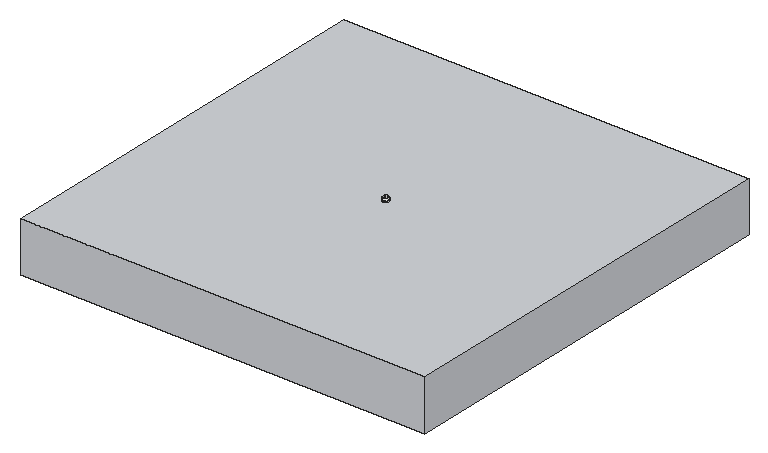
Revit family "Mixer-Bath Shower-Stylus In Wall Body", category Plumbing Fixtures, host Face, Revit 2014
Parameters (values of type "Chrome")
  Waste Connection = no
  Vent Connection = no
  URL = "http://specify.caroma.com.au/"
  Type Comments = "Stylus Bath/Shower Mixer In Wall Body"  # constant formula
  ModifiedIssue_ANZRS = 20161018.54  # constant formula
  Model = "632209C"  # constant formula
  Material_ANZRS = Metal-Chrome-Caroma
  Manufacturer = "GWA Bathrooms&Kitchens"  # constant formula
  Keynote = ""
  HWFU = 0
  HW Connection = yes
  Description = ""
  Default Elevation = 1000 mm
  CreatedBy_ANZRS = "Design Content"  # constant formula
  CreatedByURL_ANZRS = "http://www.designcontent.com.au"
  Cost = 0
  ConnectorDiameter = 20 mm
  CWFU = 0
  CW Connection = yes
  Assembly Code = "D2020300"
Reference planes
  plane 1 "Center (Front/Back)": y = 0
  plane 2: z = 0
  plane 3 "Center (Left/Right)": x = 0
Forms (mm)
  Extrusion 1, solid
    sketch origin (-11.577, 5.133, 0) x (1, 0, 0) y (0, 1, 0)
      loop
        line (-1219.2, 1219.2) -> (-1219.2, -1219.2) -> (1219.2, -1219.2) -> (1219.2, 1219.2) -> (-1219.2, 1219.2)
    from 0 to -304.8
  Extrusion 2, solid, material "Metal-Chrome-Caroma" <- "Material_ANZRS"
    sketch origin (0.262, 0.616, -64.849) x (-1, 0, 0) y (0, 0, 1)
      loop
        circle (0, 0) r 13.174
      loop
        circle (0, 0) r 9.678
    from -32.5 to 32.483
  Extrusion 3, solid, material "Metal-Chrome-Caroma" <- "Material_ANZRS"
    sketch origin (54.95, 1219.816, 221.605) x (1, 0, 0) y (0, 1, 0)
      loop
        arc (-77.542, -1187.692) -> (-81.068, -1189.153) -> (-82.529, -1192.679) r 4.987
        line (-82.529, -1192.679) -> (-82.529, -1206.659) -> (-67.07, -1206.659) -> (-67.07, -1187.692) -> (-77.542, -1187.692)
      loop
        line (-77.529, -1250.7) -> (-67.07, -1250.729) -> (-67.07, -1231.605) -> (-82.546, -1231.605) -> (-82.533, -1245.696)
        arc (-82.533, -1245.696) -> (-81.067, -1249.234) -> (-77.529, -1250.7) r 5.004
      loop
        line (-75.24, -1247.942) -> (-73.951, -1245.657) -> (-75.156, -1243.559) -> (-77.861, -1243.444) -> (-79.175, -1245.809) -> (-77.902, -1247.841) -> (-75.24, -1247.942)
      loop
        line (-73.87, -1192.59) -> (-75.872, -1190.087) -> (-78.297, -1190.932) -> (-79.287, -1192.556) -> (-77.982, -1194.788) -> (-75.351, -1195.052) -> (-73.87, -1192.59)
    from -288.093 to -285.101
  Extrusion 4, solid, material "Metal-Chrome-Caroma" <- "Material_ANZRS"
    sketch origin (0.497, 0.616, -65.006) x (0, 0, 1) y (0, 1, 0)
      loop
        circle (0, 0) r 9.531
      loop
        line (-13, 4.999) -> (-13, -5.001) -> (-12.199, -5.001)
        arc (-12.199, -5.001) -> (13.184, 0.001) -> (-12.2, 4.999) r 13.184
        line (-12.2, 4.999) -> (-13, 4.999)
    from -1.132 to 29.083
  Revolve 5, solid, material "Metal-Chrome-Caroma" <- "Material_ANZRS"
    sketch origin (0.028, 0.616, -65.123) x (0, 0, 1) y (0, 1, 0)
      loop
        line (24, 0) -> (76.8, 0) -> (76.8, 16.7) -> (71.041, 18.885) -> (65, 20) -> (65, 21) -> (26, 21) -> (24, 20.319) -> (24, 0)
      axis (24, 0) -> (76.8, 0)
    angle from 0 to 360
  Extrusion 6, solid, material "Metal-Chrome-Caroma" <- "Material_ANZRS"
    sketch origin (0.106, 0.694, -35.513) x (0, 1, 0) y (-1, 0, 0)
      loop
        line (-7.5, -12.924) -> (7.5, -12.924)
        arc (7.5, -12.924) -> (14.003, -9.133) -> (13.908, -1.607) r 7.473
        line (13.908, -1.607) -> (6.329, 11.104)
        arc (6.329, 11.104) -> (0, 14.688) -> (-6.329, 11.104) r 7.381
        line (-6.329, 11.104) -> (-14.395, -1.75)
        arc (-14.395, -1.75) -> (-14.424, -9.482) -> (-7.5, -12.924) r 7.318
    from -28.856 to -1.025
  Revolve 7, void
    sketch origin (0.028, 0.616, -65.123) x (0, 0, 1) y (0, 1, 0)
      loop
        line (87.856, 0) -> (87.856, 12.036) -> (71.041, 18.416) -> (71.041, 13.528) -> (65, 13.468) -> (65, 17.629) -> (64.383, 18.199) -> (63.691, 17.39) -> (63.129, 18.396) -> (62.369, 17.51) -> (61.938, 18.303) -> (61.192, 17.771) -> (60.442, 18.282) -> (59.943, 17.426) -> (59.295, 18.379) -> (58.2, 16.538) -> (58.2, 0) -> (87.856, 0)
      axis (58.2, 0) -> (87.856, 0)
    angle from 0 to 360
  Extrusion 8, solid, material "Metal-Chrome-Caroma" <- "Material_ANZRS"
    sketch origin (0.497, 0.616, -63.638) x (0, 1, 0) y (-1, 0, 0)
      loop
        line (-4.5, 4.576) -> (-4.5, -4.424) -> (4.5, -4.424) -> (4.5, 4.576) -> (-4.5, 4.576)
      loop
        line (-2.551, -1.604) -> (-0.616, -2.916) -> (1.68, -2.475) -> (3.136, -0.047) -> (2.551, 1.755) -> (0.616, 3.067) -> (-1.68, 2.626) -> (-3.136, 0.198) -> (-2.551, -1.604)
    from 88.805 to 42.545
Cuts and joins
  Revolve 7 cuts Revolve 5
  joined: Extrusion 2, Revolve 5, Extrusion 6
  joined: Extrusion 3, Extrusion 4
Lines and regions (mm)
  Masking region 1
    outline origin (-54.453, 286.591, 1219.2) x (-1, 0, 0) y (0, 0, 1)
      loop
        line (-25.867, -1297.206) -> (-25.867, -1271.021) -> (-39.874, -1271.021) -> (-39.874, -1260.323) -> (-34.163, -1260.323) -> (-33.474, -1258.324) -> (-33.474, -1219.323) -> (-34.481, -1219.323) -> (-35.596, -1213.282) -> (-37.784, -1207.403) -> (-50.375, -1207.403) -> (-50.375, -1194.034) -> (-59.375, -1194.034) -> (-59.375, -1207.403) -> (-71.11, -1207.403) -> (-73.367, -1213.282) -> (-74.481, -1219.323) -> (-75.481, -1219.323) -> (-75.481, -1258.452) -> (-74.8, -1260.323) -> (-67.523, -1260.323) -> (-67.523, -1287.138)
        arc (-67.523, -1287.138) -> (-63.135, -1294.182) -> (-55.407, -1297.206) r 13.174
        line (-55.407, -1297.206) -> (-25.867, -1297.206)
  Masking region 2
    outline origin (0, 0, 0) x (0, 1, 0) y (0, 0, 1)
      loop
        line (-31.884, -78.024) -> (33.098, -78.024) -> (33.098, -51.646) -> (15.667, -51.646) -> (15.667, -41.123) -> (20.935, -41.123) -> (21.616, -39.147) -> (21.616, -0.123) -> (20.616, -0.123) -> (19.55, 5.918) -> (17.295, 11.794) -> (5.116, 11.794) -> (5.116, 25.166) -> (-3.884, 25.166) -> (-3.884, 11.794) -> (-16.131, 11.794) -> (-18.27, 5.918) -> (-19.384, -0.123) -> (-20.384, -0.123) -> (-20.384, -39.123) -> (-19.703, -41.123) -> (-14.821, -41.123) -> (-14.821, -51.646) -> (-31.884, -51.646) -> (-31.884, -78.024)
  Masking region 3
    outline origin (0, 0, 0) x (1, 0, 0) y (0, 1, 0)
      loop
        line (-12.912, -31.884) -> (13.437, -31.884) -> (13.437, -15.546)
        arc (13.437, -15.546) -> (21.028, 0.616) -> (13.437, 16.778) r 21
        line (13.437, 16.778) -> (13.437, 33.098) -> (-12.912, 33.098) -> (-12.912, 32.123) -> (-22.592, 32.123)
        arc (-22.592, 32.123) -> (-26.118, 30.663) -> (-27.579, 27.136) r 4.987
        line (-27.579, 27.136) -> (-27.579, 13.8) -> (-28.586, 13.8) -> (-28.586, -12.569) -> (-27.596, -12.569) -> (-27.596, -25.88)
        arc (-27.596, -25.88) -> (-26.117, -29.419) -> (-22.579, -30.884) r 5.004
        line (-22.579, -30.884) -> (-12.912, -30.913) -> (-12.912, -31.884)
  symbolic lines
    curve 1: arc (-12.912, 286.591, -64.849) -> (1.108, 286.591, -51.702) -> (13.328, 286.591, -66.538) r 13.174
    curve 2: arc (0, 286.591, -78.021) -> (-9.146, 286.591, -74.072) -> (-12.912, 286.591, -64.849) r 13.174
    curve 3: arc (-9.416, 286.591, -64.849) -> (0.262, 286.591, -74.528) -> (9.941, 286.591, -64.849) r 9.678
    curve 4: arc (9.941, 286.591, -64.849) -> (0.262, 286.591, -55.171) -> (-9.416, 286.591, -64.849) r 9.678
    curve 5: line (-12.81, 286.591, -66.488) -> (-27.596, 286.591, -66.488)
    curve 6: line (-27.596, 286.591, -63.496) -> (-12.842, 286.591, -63.496)
    curve 7: line (-27.596, 286.591, -66.488) -> (-27.596, 286.591, -63.496)
    curve 8: line (-14.582, 286.591, -41.123) -> (13.031, 286.591, -41.123)
    curve 9: line (20.937, 286.591, -39.106) -> (-20.99, 286.591, -39.106)
    curve 10: line (-19.972, 286.591, -0.123) -> (20.028, 286.591, -0.123)
    curve 11: arc (0, -4.385, -77.205) -> (0, 0.617, -51.821) -> (0, 5.615, -77.206) r 13.184
    curve 12: arc (0, 0.616, -55.475) -> (0, -8.915, -65.006) -> (0, 0.616, -74.536) r 9.531
    curve 13: arc (0, 0.616, -74.536) -> (0, 10.146, -65.006) -> (0, 0.616, -55.475) r 9.531
    curve 14: line (0, 32.123, -63.496) -> (0, 13.713, -63.496)
    curve 15: line (0, -30.913, -66.488) -> (0, -12.485, -66.488)
    curve 16: line (0, -20.384, -39.123) -> (0, 21.616, -39.123)
    curve 17: line (0, -14.821, -41.123) -> (0, 15.667, -41.123)
    curve 18: line (0, 5.615, -78.006) -> (0, 5.615, -77.206)
    curve 19: line (0, -4.385, -77.205) -> (0, -4.385, -78.006)
    curve 20: line (0, -12.482, -63.496) -> (0, -30.913, -63.496)
    curve 21: line (0, 13.716, -66.488) -> (0, 32.123, -66.488)
    curve 22: line (0, -30.913, -63.496) -> (0, -30.913, -66.488)
    curve 23: line (0, 32.123, -66.488) -> (0, 32.123, -63.496)
    curve 24: line (0, 20.616, -0.123) -> (0, -19.384, -0.123)
    curve 25: line (-4.079, 286.591, 11.797) -> (4.921, 286.591, 11.797)
    curve 26: line (0, 5.116, 11.794) -> (0, -3.884, 11.794)
    curve 27: line (-27.579, 13.713, 0) -> (-16.387, 13.713, 0)
    curve 28: line (-16.387, -12.482, 0) -> (-27.596, -12.482, 0)
    curve 29: arc (0.028, -20.384, 0) -> (-20.972, 0.616, 0) -> (0.028, 21.616, 0) r 21
    curve 30: arc (0.028, 21.616, 0) -> (21.028, 0.616, 0) -> (0.028, -20.384, 0) r 21
    curve 31: arc (0.028, -18.27, 0) -> (18.913, 0.616, 0) -> (0.028, 19.501, 0) r 18.885
    curve 32: arc (0.028, 19.501, 0) -> (-18.857, 0.616, 0) -> (0.028, -18.27, 0) r 18.885
    curve 33: line (4.921, 5.116, 0) -> (-4.079, 5.116, 0)
    curve 34: line (-4.079, 5.116, 0) -> (-4.079, -3.884, 0)
    curve 35: line (-4.079, -3.884, 0) -> (4.921, -3.884, 0)
    curve 36: line (4.921, -3.884, 0) -> (4.921, 5.116, 0)
    curve 37: line (3.412, 0, 0) -> (2.1, -1.935, 0)
    curve 38: line (2.971, 2.295, 0) -> (3.412, 0, 0)
    curve 39: line (-1.258, 3.166, 0) -> (0.544, 3.751, 0)
    curve 40: line (-2.57, 1.231, 0) -> (-1.258, 3.166, 0)
    curve 41: line (-2.129, -1.064, 0) -> (-2.57, 1.231, 0)
    curve 42: line (0.544, 3.751, 0) -> (2.971, 2.295, 0)
    curve 43: line (0.299, -2.52, 0) -> (-2.129, -1.064, 0)
    curve 44: line (2.1, -1.935, 0) -> (0.299, -2.52, 0)
    curve 45: arc (0.028, 14.144, 0) -> (13.556, 0.616, 0) -> (0.028, -12.913, 0) r 13.528
    curve 46: arc (0.028, -12.913, 0) -> (-13.5, 0.616, 0) -> (0.028, 14.144, 0) r 13.528
    curve 47: arc (0.028, -15.616, 0) -> (-16.203, 0.616, 0) -> (0.028, 16.847, 0) r 16.231
    curve 48: arc (0.028, 16.847, 0) -> (16.259, 0.616, 0) -> (0.028, -15.616, 0) r 16.231
    curve 49: line (-18.92, 27.225, 0) -> (-20.401, 24.763, 0)
    curve 50: line (-23.031, 25.027, 0) -> (-24.337, 27.259, 0)
    curve 51: line (-24.337, 27.259, 0) -> (-23.347, 28.883, 0)
    curve 52: line (-23.347, 28.883, 0) -> (-20.922, 29.729, 0)
    curve 53: line (-20.922, 29.729, 0) -> (-18.92, 27.225, 0)
    curve 54: line (-20.401, 24.763, 0) -> (-23.031, 25.027, 0)
    curve 55: line (-20.29, -28.126, 0) -> (-22.952, -28.026, 0)
    curve 56: line (-22.952, -28.026, 0) -> (-24.225, -25.993, 0)
    curve 57: line (-24.225, -25.993, 0) -> (-22.91, -23.628, 0)
    curve 58: line (-22.91, -23.628, 0) -> (-20.205, -23.743, 0)
    curve 59: line (-20.205, -23.743, 0) -> (-19.001, -25.842, 0)
    curve 60: line (-19.001, -25.842, 0) -> (-20.29, -28.126, 0)
Dimensions and locks
  aligned and locked: plane 2 to Extrusion 1
  aligned and locked: level to Extrusion 1
  aligned and locked: curve 38 to Extrusion 8
Connectors
  piping at (0.262, -31.884, -64.849), diameter 20, driven by "ConnectorDiameter"
    settings: on cut or joined group of Extrusion 2, Revolve 5, Extrusion 6, Revolve 7, index 1, connector inside diameter 24", connector length 0 mm, flow factor 0, pipe flow 0 GPM, pressure drop 0.00 psi, fitting loss kfactor 0, connector angle 0.00°, fixture units 0, engagement length 0 mm, angle of deflection 0.00°, flow configuration 3, flow direction 1, fitting loss method 0, system type 19, joint type 0, gender type 0, connector reference index -1, connector utility 0, adjustable connector no, is connector primary yes, connector description "Connector"
  piping at (0.262, 33.098, -64.849), diameter 20, driven by "ConnectorDiameter"
    settings: on cut or joined group of Extrusion 2, Revolve 5, Extrusion 6, Revolve 7, index 2, connector inside diameter 24", connector length 0 mm, flow factor 0, pipe flow 0 GPM, pressure drop 0.00 psi, fitting loss kfactor 0, connector angle 0.00°, fixture units 0, engagement length 0 mm, angle of deflection 0.00°, flow configuration 3, flow direction 1, fitting loss method 0, system type 20, joint type 0, gender type 0, connector reference index -1, connector utility 0, adjustable connector no, is connector primary no, connector description "Connector"
  piping at (-28.586, 0.616, -65.006), diameter 20, driven by "ConnectorDiameter"
    settings: on cut or joined group of Extrusion 3, Extrusion 4, index 3, connector inside diameter 24", connector length 0 mm, flow factor 0, pipe flow 0 GPM, pressure drop 0.00 psi, fitting loss kfactor 0, connector angle 0.00°, fixture units 0, engagement length 0 mm, angle of deflection 0.00°, flow configuration 3, flow direction 2, fitting loss method 0, system type 7, joint type 0, gender type 0, connector reference index -1, connector utility 0, adjustable connector no, is connector primary no, connector description "Connector"
